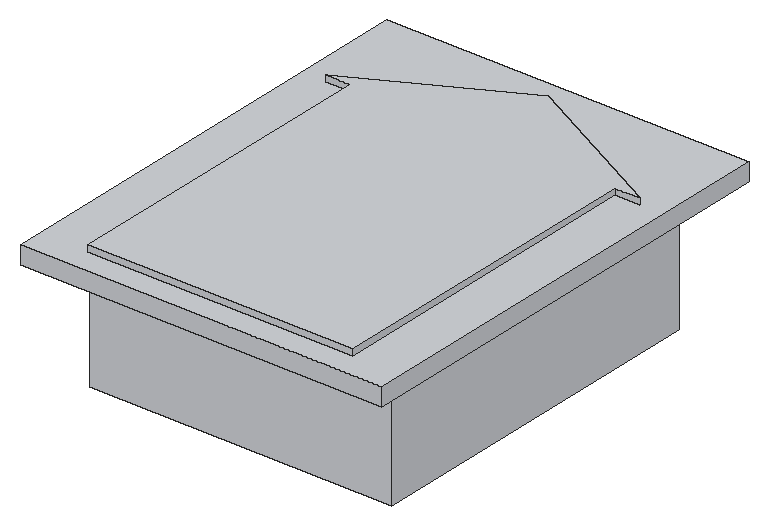
Revit family "5ec17bc6620e44faa45e76edcfb5f2da", category Electrical Equipment, host Face, Revit 2021
Family settings
  Host = Face
  Round Connector Dimension = Use Diameter
  Part Type = Other Panel
  OmniClass Number = 23.85.30.21.11.14
  OmniClass Title = Alarm Panels
  Seek Item ID = Fire Alarm Master Box-0000-USA-ENU
  Cut with Voids When Loaded = No
  Shared = No
  Room Calculation Point = No
Parameters (values of type "Standard")
  Width 3 = 1' - 0 9/16"
  Width 2 = 0' - 11"
  Width 1 = 1' - 3"
  Panel Material = none
  Height 4 = 1' - 2 7/8"
  Height 3 = Height 2 * 0.2  # 0' - 3.4"
  Height 2 = 1' - 5"
  Height 1 = 1' - 7"
  Length 4 = Length 2 + Length 3  # 0' - 1"
  Length 3 = (Length 1 - 0' 5") * 0.25  # 0' - 0 1/4"
  Length 2 = (Length 1 - 0' 5") * 0.75  # 0' - 0 3/4"
  Length 1 = 0' - 6"
  Default Elevation = 4' - 0"
Reference planes (in)
  plane 1 "Center (Front/Back)": y = 0
  plane 2: z = 0
  plane 3 "Center (Left/Right)": x = 0
  plane 4: z = -5
  plane 5: z = 0.75
  plane 6: z = 1
  plane 7: x = -7.5
  plane 8: y = 9.5
  plane 9: y = -9.5
  plane 10: x = 7.5
  plane 11: x = -5.5
  plane 12: x = 5.5
  plane 13: y = -8.5
  plane 14: y = 8.5
  plane 15: x = -6.5
  plane 16: x = 6.5
  plane 17: y = 7.4375
  plane 18: y = -7.4375
  plane 19: x = -6.28125
  plane 20: x = 6.28125
Forms (in)
  Extrusion 1, solid, material <- "Panel Material"
    sketch origin (0, 0, 0) x (1, 0, 0) y (0, 1, 0)
      loop
        line (-7.5, 9.5) -> (-7.5, -9.5) -> (7.5, -9.5) -> (7.5, 9.5) -> (-7.5, 9.5)
    from 0 to 0.75
  Extrusion 2, solid, material <- "Panel Material"
    sketch origin (0, 0, 0) x (1, 0, 0) y (0, 1, 0)
      loop
        line (-5.5, -8.5) -> (5.5, -8.5) -> (5.5, 5.1) -> (6.5, 5.1) -> (0, 8.5) -> (-6.5, 5.1) -> (-5.5, 5.1) -> (-5.5, -8.5)
    from 0 to 1
  Extrusion 3, solid, material <- "Panel Material"
    sketch origin (0, 0, 0) x (1, 0, 0) y (0, 1, 0)
      loop
        line (-6.28125, 7.4375) -> (-6.28125, -7.4375) -> (6.28125, -7.4375) -> (6.28125, 7.4375) -> (-6.28125, 7.4375)
    from 0 to -5
Cuts and joins
  joined: Extrusion 1, Extrusion 2
Lines and regions (in)
  symbolic lines, detail levels fine
    curve 1: line (6.5, 0, 1) -> (-6.5, 0, 1)
    curve 2: line (-5.5, 0, 1) -> (-5.5, 0, 0.75)
    curve 3: line (-6.5, 0, 0.75) -> (-6.5, 0, 1)
    curve 4: line (7.5, 0, 0.75) -> (-7.5, 0, 0.75)
    curve 5: line (5.5, 0, 0.75) -> (5.5, 0, 1)
    curve 6: line (6.5, 0, 0.75) -> (6.5, 0, 1)
    curve 7: line (7.5, 0, 0) -> (7.5, 0, 0.75)
    curve 8: line (-7.5, 0, 0) -> (7.5, 0, 0)
    curve 9: line (6.28125, 0, -5) -> (6.28125, 0, 0)
    curve 10: line (-6.28125, 0, -5) -> (6.28125, 0, -5)
    curve 11: line (-6.28125, 0, 0) -> (-6.28125, 0, -5)
    curve 12: line (-7.5, 0, 0.75) -> (-7.5, 0, 0)
Dimensions and locks (in)
  equal spacing: plane 8, plane 1 "Center (Front/Back)", plane 9
  "Height 1": plane 8 to plane 9
  equal spacing: plane 7, plane 3 "Center (Left/Right)", plane 10
  "Width 1": plane 7 to plane 10
  equal spacing: plane 11, plane 3 "Center (Left/Right)", plane 12
  "Width 2": plane 11 to plane 12
  equal spacing: plane 14, plane 1 "Center (Front/Back)", plane 13
  "Height 2": plane 14 to plane 13
  locked: plane 15 to plane 11 at 1
  locked: plane 12 to plane 16 at 1
  "Length 1": plane 4 to plane 6
  "Length 2": plane 5 to plane 2
  "Length 3": plane 6 to plane 5
  equal spacing: plane 18, plane 1 "Center (Front/Back)", plane 17
  equal spacing: plane 19, plane 3 "Center (Left/Right)", plane 20
  "Width 3": plane 19 to plane 20
  "Height 4": plane 18 to plane 17
  aligned and locked: plane 2 to host face
  aligned and locked: level to host face
  aligned and locked: plane 7 to Extrusion 1 sketch curve
  aligned and locked: plane 8 to Extrusion 1 sketch curve
  aligned and locked: plane 9 to Extrusion 1 sketch curve
  aligned and locked: Extrusion 1 sketch curve to plane 10
  aligned and locked: plane 13 to Extrusion 2 sketch curve
  aligned and locked: plane 12 to Extrusion 2 sketch curve
  aligned and locked: plane 16 to Extrusion 2 sketch curve
  aligned and locked: plane 3 "Center (Left/Right)" to Extrusion 2 sketch curve
  aligned and locked: plane 14 to Extrusion 2 sketch curve
  aligned and locked: plane 15 to Extrusion 2 sketch curve
  aligned and locked: Extrusion 1 to plane 2
  aligned and locked: plane 5 to Extrusion 1
  aligned and locked: Extrusion 2 to plane 2
  aligned and locked: Extrusion 2 to plane 6
  aligned and locked: plane 19 to Extrusion 3 sketch curve
  aligned and locked: plane 20 to Extrusion 3 sketch curve
  aligned and locked: plane 18 to Extrusion 3 sketch curve
  aligned and locked: plane 2 to Extrusion 3
  aligned and locked: Extrusion 3 to plane 4
  aligned and locked: curve 1 to cut or joined group of Extrusion 1, Extrusion 2
  aligned and locked: curve 2 to cut or joined group of Extrusion 1, Extrusion 2
  aligned and locked: curve 3 to cut or joined group of Extrusion 1, Extrusion 2
  aligned and locked: curve 4 to cut or joined group of Extrusion 1, Extrusion 2
  aligned and locked: curve 5 to cut or joined group of Extrusion 1, Extrusion 2
  aligned and locked: curve 6 to cut or joined group of Extrusion 1, Extrusion 2
  aligned and locked: curve 7 to cut or joined group of Extrusion 1, Extrusion 2
  aligned and locked: curve 8 to cut or joined group of Extrusion 1, Extrusion 2
  aligned and locked: curve 9 to Extrusion 3
  aligned and locked: curve 10 to Extrusion 3
  aligned and locked: curve 11 to Extrusion 3
  aligned and locked: curve 12 to cut or joined group of Extrusion 1, Extrusion 2
  aligned and locked: plane 3 "Center (Left/Right)" to nested 1
  aligned and locked: nested 1 to plane 2
Automatic sketch dimensions
  host sketch curve to host sketch curve = 8' - 0"  (x2)
  Extrusion 2 sketch curve to plane 11 = 0' - 0"
  plane 17 to Extrusion 3 sketch curve = 0' - 0"
  plane 17 to Extrusion 2 sketch curve = 0' - 2.3375"  (x2)
Nested families (in)
  nested 1: "Fire Alarm Master Box Annotation" at (0, 0, 0) x (1, 0, 0) z (0, -1, 0), type "Fire Alarm Master Box Annotation", detail levels coarse+medium
Connectors (in)
  electrical at (0, 7.4375, -2.5)
    settings: on Extrusion 3, index 1, voltage 0 V, apparent load 0 VA, apparent load phase1 0 VA, apparent load phase2 0 VA, apparent load phase3 0 VA, power factor 1, load classification "Other", number of poles 1, system type 11, power factor state 1, is connector primary yes, connector utility no, sub classification motor no, connector description ""
  cabletrayconduit at (0, 7.4375, -2.5), diameter 24
    settings: on Extrusion 3, index 2, connector width 1' - 0", connector height 1' - 0", connector angle 0.00°, system type 32, placement type 1, profile type 0, connector reference index -1, is primary connector yes, connector utility param no, connector description ""
  cabletrayconduit at (-6.28125, 0, -2.5), diameter 24
    settings: on Extrusion 3, index 3, connector width 1' - 0", connector height 1' - 0", connector angle 0.00°, system type 32, placement type 1, profile type 0, connector reference index -1, is primary connector no, connector utility param no, connector description ""
  cabletrayconduit at (6.28125, 0, -2.5), diameter 24
    settings: on Extrusion 3, index 4, connector width 1' - 0", connector height 1' - 0", connector angle 0.00°, system type 32, placement type 1, profile type 0, connector reference index -1, is primary connector no, connector utility param no, connector description ""
  cabletrayconduit at (0, 0, -5), diameter 24
    settings: on Extrusion 3, index 5, connector width 1' - 0", connector height 1' - 0", connector angle 0.00°, system type 32, placement type 1, profile type 0, connector reference index -1, is primary connector no, connector utility param no, connector description ""
  cabletrayconduit at (0, -7.4375, -2.5), diameter 24
    settings: on Extrusion 3, index 6, connector width 1' - 0", connector height 1' - 0", connector angle 0.00°, system type 32, placement type 1, profile type 0, connector reference index -1, is primary connector no, connector utility param no, connector description ""
Definition of nested family "Fire Alarm Master Box Annotation"
  Parameters
    Length 2 = Height 1 / 2 + 0' 3"  # 0' - 6"
    Length 1 = Height 1 / 2 + 0' 0 1/8"  # 0' - 3 1/8"
    Height 2 = 0' - 1"
    Height 1 = 0' - 6"
    Label Annotation = "MB"
    Assembly Code = ""
  Reference planes (in)
    plane 1 "Center (Front/Back)": y = 0
    plane 2: z = 0
    plane 3 "Center (Left/Right)": x = 0
    plane 4: x = -6
    plane 5: y = 1
  Lines and regions (in)
    Filled region 1, type "Solid Fill - Black", in view "Ref. Level"
      outline origin (-0.57435, -5.7306, 0) x (0, 1, 0) y (-1, 0, 0)
        loop
          line (-0.25489, 2.55065) -> (2.41178, 2.55065) -> (2.41178, 3.22173) -> (0.80916, 3.92565) -> (2.41178, 4.58791) -> (2.41178, 5.25899) -> (-0.25489, 5.25899) -> (-0.25489, 4.72565) -> (1.3268, 4.72565) -> (-0.25489, 4.07204) -> (-0.25489, 3.77926) -> (1.3268, 3.12565) -> (-0.25489, 3.12565) -> (-0.25489, 2.55065)
    Filled region 2, type "Solid Fill - Black", in view "Ref. Level"
      outline origin (-0.60569, -5.73799, 0) x (-1, 0, 0) y (0, -1, 0)
        loop
          line (5.39431, -2.41135) -> (6.49594, -2.41135)
          arc (6.49594, -2.41135) -> (7.146, -1.91645) -> (6.84198, -1.15811) r 0.67439
          arc (6.84198, -1.15811) -> (7.21213, -0.91413) -> (7.39671, -0.51106) r 0.80405
          arc (7.39671, -0.51106) -> (7.24297, 0.02338) -> (6.73754, 0.25532) r 0.66667
          line (6.73754, 0.25532) -> (5.39431, 0.25532) -> (5.39431, -2.41135)
        loop
          arc (6.45427, -1.97385) -> (6.79226, -1.67843) -> (6.54473, -1.30394) r 0.34106
          line (6.54473, -1.30394) -> (5.82927, -1.30394) -> (5.82927, -1.97385) -> (6.45427, -1.97385)
        loop
          line (5.82927, -0.14366) -> (5.82927, -0.90811) -> (6.77196, -0.90811)
          arc (6.77196, -0.90811) -> (6.93832, -0.6912) -> (6.96617, -0.41926) r 0.50135
          arc (6.96617, -0.41926) -> (6.8522, -0.2217) -> (6.63788, -0.14366) r 0.33333
          line (6.63788, -0.14366) -> (5.82927, -0.14366)
    detail lines, in view "Ref. Level"
      curve 1: line (-3, 1, 0) -> (3, 1, 0)
      curve 2: line (-3, -5, 0) -> (-3, 1, 0)
      curve 3: line (3, -5, 0) -> (-3, -5, 0)
      curve 4: line (3, 1, 0) -> (3, -5, 0)
  Dimensions and locks (in)
    equal spacing: curve 2, plane 3 "Center (Left/Right)", curve 4
    "Height 1": curve 2 to curve 4
    "Length 1": Filled region 1 to plane 3 "Center (Left/Right)"
    "Length 2": plane 4 to plane 3 "Center (Left/Right)"
    "Height 2": plane 1 "Center (Front/Back)" to plane 5
    "Height 1": plane 5 to curve 3
    aligned and locked: plane 4 to Filled region 2
  Automatic sketch dimensions
    plane 5 to curve 2 = 0' - 0"
    plane 4 to Filled region 1 sketch curve = 0' - 2 7/8"
    plane 1 "Center (Front/Back)" to Filled region 1 sketch curve = 0' - 5.98549"
    plane 4 to Filled region 1 sketch curve = 0' - 0.7"
    Filled region 1 sketch curve to Filled region 1 sketch curve = 0' - 0"  (x2)
    plane 4 to Filled region 1 sketch curve = 0' - 1 1/2"
    Filled region 1 sketch curve to Filled region 1 sketch curve = 0' - 1.06405"
    Filled region 1 sketch curve to Filled region 1 sketch curve = 0' - 0.51764"  (x2)
    plane 4 to Filled region 1 sketch curve = 0' - 0.16667"
    Filled region 1 sketch curve to Filled region 1 sketch curve = 0' - 1.08497"  (x2)
    Filled region 1 sketch curve to Filled region 1 sketch curve = 0' - 0.8"
    Filled region 1 sketch curve to Filled region 1 sketch curve = 0' - 0.67108"  (x2)
    Filled region 1 sketch curve to Filled region 1 sketch curve = 0' - 0.65361"
    Filled region 1 sketch curve to Filled region 1 sketch curve = 0' - 0.29278"
    Filled region 2 sketch curve to plane 4 = 0' - 0"
    Filled region 2 sketch curve to Filled region 2 sketch curve = 0' - 0.43496"
    Filled region 2 sketch curve to Filled region 2 sketch curve = 0' - 0"  (x3)
    Filled region 2 sketch curve to Filled region 2 sketch curve = 0' - 0 5/8"
    Filled region 2 sketch curve to Filled region 2 sketch curve = 0' - 0.64313"
    Filled region 2 sketch curve to Filled region 2 sketch curve = 0' - 0.04167"
    Filled region 2 sketch curve to Filled region 2 sketch curve = 0' - 0.09045"
    Filled region 2 sketch curve to Filled region 2 sketch curve = 0' - 0.12929"
    Filled region 2 sketch curve to Filled region 2 sketch curve = 0' - 0.03618"
    Filled region 2 sketch curve to Filled region 2 sketch curve = 0' - 0.09966"
    Filled region 2 sketch curve to Filled region 2 sketch curve = 0' - 0.13408"
    Filled region 2 sketch curve to Filled region 2 sketch curve = 0' - 0.07002"
    Filled region 2 sketch curve to Filled region 2 sketch curve = 0' - 0.22864"
    Filled region 2 sketch curve to Filled region 2 sketch curve = 0' - 0.43053"
    plane 1 "Center (Front/Back)" to Filled region 2 sketch curve = 0' - 3.32664"
    Filled region 2 sketch curve to Filled region 2 sketch curve = 0' - 0 7/16"
    Filled region 2 sketch curve to Filled region 2 sketch curve = 0' - 0.23689"
    Filled region 2 sketch curve to Filled region 2 sketch curve = 0' - 0.10417"
    Filled region 2 sketch curve to Filled region 2 sketch curve = 0' - 0.39583"
    Filled region 2 sketch curve to Filled region 2 sketch curve = 0' - 0.39705"
    Filled region 2 sketch curve to Filled region 2 sketch curve = 0' - 0.11529"
